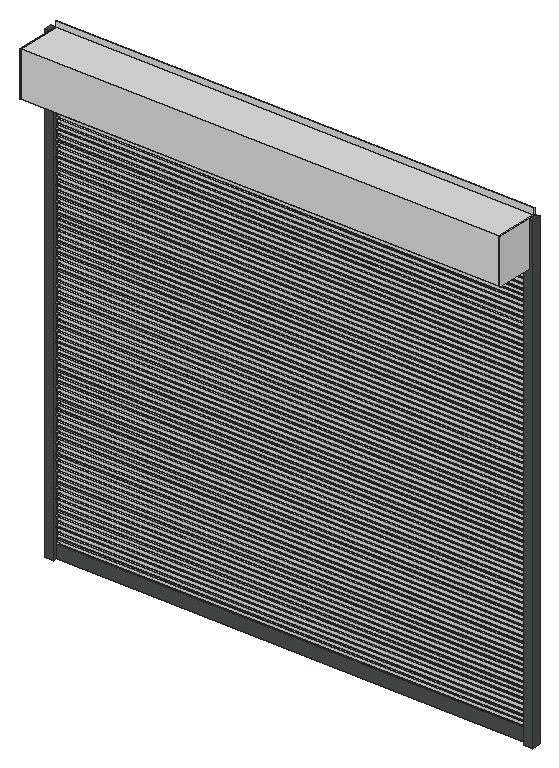
Revit family "Doors_Industrial_Overhead-Door-Corporation_Counter-Doors-652_", category Specialty Equipment, host Wall, Revit 2019 (continued)
Definition of nested family "Motor"
  Forms (in)
    Extrusion 1, solid, material <- "Main Material", visible <- "Wall Mount"
      sketch origin (0, 0, 18.8898) x (1, 0, 0) y (0, 1, 0)
        loop
          line (-4.134, -2.41307) -> (4.116, -2.41307) -> (4.116, -2.29347) -> (3.108, -2.29347)
          arc (3.108, -2.29347) -> (3.02315, -2.25832) -> (2.988, -2.17347) r 0.12
          line (2.988, -2.17347) -> (2.988, 4.96193) -> (-2.988, 4.96193) -> (-2.988, -2.17347)
          arc (-2.988, -2.17347) -> (-3.02315, -2.25832) -> (-3.108, -2.29347) r 0.12
          line (-3.108, -2.29347) -> (-4.134, -2.29347) -> (-4.134, -2.41307)
      from -16.64 to 0
    Extrusion 2, solid, material <- "Main Material", visible <- "Wall Mount"
      sketch origin (0, 0, 18.8898) x (1, 0, 0) y (0, 1, 0)
        loop
          line (-4.134, -2.41307) -> (-4.134, -5.05565) -> (-4.3324, -5.05565) -> (-4.3324, -5.3122)
          arc (-4.3324, -5.3122) -> (-4.24466, -5.55085) -> (-4.02324, -5.67585) r 0.36846
          arc (-4.02324, -5.67585) -> (0, -6.0017) -> (4.02324, -5.67585) r 25
          arc (4.02324, -5.67585) -> (4.24466, -5.55085) -> (4.3324, -5.3122) r 0.36846
          line (4.3324, -5.3122) -> (4.3324, -5.05565) -> (4.116, -5.05565) -> (4.116, -2.41307) -> (-4.134, -2.41307)
      from -17 to 0.35839
    Revolve 3, solid, material <- "Main Material", visible <- "Wall Mount RSX"
      sketch origin (2.0828, 5.66524, 0) x (0, -1, 0) y (1, 0, 0)
        loop
          line (5.66524, -9.0813) -> (5.66524, 3.1162) -> (4.82413, 3.1162) -> (4.82413, 2.7162) -> (4.39283, 2.7162) -> (4.39283, 2.4872) -> (2.50257, 2.4872) -> (2.50257, -6.6585) -> (3.79863, -6.6585) -> (3.79863, -7.51105) -> (3.89778, -7.6102) -> (5.36033, -7.6102) -> (5.36033, -7.8313) -> (4.69783, -7.8313) -> (4.69783, -9.0813) -> (5.66524, -9.0813)
        axis (5.66524, -9.0813) -> (5.66524, 3.1162)
      angle from 0 to 360
    Extrusion 4, solid, material <- "Main Material", visible <- "Wall Mount"
      sketch origin (0, 0, 18.8898) x (1, 0, 0) y (0, 1, 0)
        loop
          line (-2.988, 5.08193) -> (-4.988, 5.08193) -> (-4.988, 4.96193) -> (-3.108, 4.96193) -> (-3.108, 1.46193) -> (-2.988, 1.46193) -> (-2.988, 5.08193)
        loop
          line (2.988, 5.08193) -> (2.988, 1.46193) -> (3.108, 1.46193) -> (3.108, 4.96193) -> (4.988, 4.96193) -> (4.988, 5.08193) -> (2.988, 5.08193)
      from -16.64 to 1.14
    Extrusion 5, solid, material <- "Main Material", visible <- "Wall Mount"
      sketch origin (0, 0.00141, 3.59957) x (0, 0, 1) y (0, -1, 0)
        loop
          circle (2.15043, 0.00141) r 3
      from 7.52 to 7.2495
    Sweep 6, solid, material <- "Main Material", visible <- "Wall Mount"
      path origin (7.38475, 9.53, 48) x (0, 1, 0) y (0, 0, 1)
        loop
          line (-12.53, -42.25) -> (-12.53, -128)
          arc (-12.53, -128) -> (-9.53, -131) -> (-6.53, -128) r 3
          line (-6.53, -128) -> (-6.53, -42.25)
      profile origin (7.38475, -3, -37.125) x (1, 0, 0) y (0, 1, 0)
        loop
          circle (0, 0.1) r 0.1
    Extrusion 7, solid, material <- "Main Material", visible <- "Wall Mount"
      sketch origin (0, 0.00141, 3.59957) x (0, 0, 1) y (0, -1, 0)
        loop
          circle (2.15043, 0.00141) r 0.4
      from 8.82 to 0
    Extrusion 8, solid, material <- "Hood Material", visible <- "CDX"
      sketch origin (2.988, 0, 5.75) x (0, -1, 0) y (1, 0, 0)
        loop
          line (12, -10.57168) -> (12, 2.55332) -> (-4.7, 2.55332) -> (-4.7, 0.0015) -> (2, 0.0015) -> (2, -10.57168) -> (12, -10.57168)
      from 4.88 to -4.88
    Extrusion 9, solid, material <- "Main Material", visible <- "Crank"
      sketch origin (2.9895, 5.75, 5.75) x (0, 0, -1) y (0, -1, 0)
        loop
          line (-1.66535, -2.15748) -> (1.66535, -2.15748)
          arc (1.66535, -2.15748) -> (2.01891, -2.01103) -> (2.16535, -1.65748) r 0.5
          line (2.16535, -1.65748) -> (2.16535, 0.00787)
          arc (2.16535, 0.00787) -> (1.99476, 0.85032) -> (1.50984, 1.56001) r 2.16535
          line (1.50984, 1.56001) -> (1.50984, 2.29685)
          arc (1.50984, 2.29685) -> (1.43662, 2.47363) -> (1.25984, 2.54685) r 0.25
          line (1.25984, 2.54685) -> (0.24999, 3.12987)
          arc (0.24999, 3.12987) -> (0, 3.19685) -> (-0.24999, 3.12987) r 0.5
          line (-0.24999, 3.12987) -> (-1.25984, 2.54685)
          arc (-1.25984, 2.54685) -> (-1.43662, 2.47363) -> (-1.50984, 2.29685) r 0.25
          line (-1.50984, 2.29685) -> (-1.50984, 1.56001)
          arc (-1.50984, 1.56001) -> (-1.99476, 0.85032) -> (-2.16535, 0.00787) r 2.16535
          line (-2.16535, 0.00787) -> (-2.16535, -1.65748)
          arc (-2.16535, -1.65748) -> (-2.01891, -2.01103) -> (-1.66535, -2.15748) r 0.5
      from 0 to -0.5
    Extrusion 10, solid, material <- "Main Material", visible <- "Crank"
      sketch origin (2.9895, 5.75, 5.75) x (0, 0, -1) y (0, -1, 0)
        loop
          line (1.50984, 1.56001) -> (1.50984, 2.29685)
          arc (1.50984, 2.29685) -> (1.43662, 2.47363) -> (1.25984, 2.54685) r 0.25
          line (1.25984, 2.54685) -> (-1.25984, 2.54685)
          arc (-1.25984, 2.54685) -> (-1.43662, 2.47363) -> (-1.50984, 2.29685) r 0.25
          line (-1.50984, 2.29685) -> (-1.50984, 1.56001)
          arc (-1.50984, 1.56001) -> (0, -2.15748) -> (1.50984, 1.56001) r 2.16535
      from 0 to -2
    Extrusion 11, solid, material <- "Main Material", visible <- "Crank"
      sketch origin (2.9895, 4.76161, 5.75) x (0, 1, 0) y (-1, 0, 0)
        loop
          circle (-0.94004, -1.01792) r 0.24
      from 1.5 to -10.5
    Extrusion 12, solid, material <- "Main Material", visible <- "Crank"
      sketch origin (2.9895, 5.75, 5.75) x (0, 1, 0) y (0, 0, -1)
        loop
          line (-2.04434, 10.46875) -> (-1.81142, 10.46875)
          arc (-1.81142, 10.46875) -> (-1.63464, 10.54197) -> (-1.56142, 10.71875) r 0.25
          line (-1.56142, 10.71875) -> (-1.56142, 11.53125)
          arc (-1.56142, 11.53125) -> (-1.63464, 11.70803) -> (-1.81142, 11.78125) r 0.25
          line (-1.81142, 11.78125) -> (-2.04434, 11.78125)
          arc (-2.04434, 11.78125) -> (-2.22112, 11.70803) -> (-2.29434, 11.53125) r 0.25
          line (-2.29434, 11.53125) -> (-2.29434, 10.71875)
          arc (-2.29434, 10.71875) -> (-2.22112, 10.54197) -> (-2.04434, 10.46875) r 0.25
      from -1.26284 to -0.77978
    Extrusion 13, solid, not visible
      sketch origin (2.9895, -24.70572, 48) x (0, -1, 0) y (0, 0, 1)
        loop
          circle (-30.45572, -42.25) r 0.5
      from 0.5 to 0 <- "Connector MP"
  Cuts and joins
    joined: Extrusion 9, Extrusion 10, Extrusion 11
  Lines and regions (in)
    Masking region 1, visible <- "CDX"
      outline origin (0, 0, 0) x (1, 0, 0) y (0, 1, 0)
        loop
          line (-7.58368, -2) -> (-7.58368, -12) -> (5.54132, -12) -> (5.54132, 4.7) -> (2.9895, 4.7) -> (2.9895, -2) -> (-7.58368, -2)
    Masking region 2, visible <- "Crank"
      outline origin (2.9895, 5.75, 5.75) x (0, 1, 0) y (-1, 0, 0)
        loop
          line (2.15748, 0) -> (-3.1963, 0) -> (-3.1963, -0.5) -> (-2.54685, -0.5) -> (-2.54685, -2) -> (2.15748, -2) -> (2.15748, 0)
    reference lines
      curve 1: line (0, 0, 0) -> (0, 0, 18.8898)
      curve 2: line (2.9895, 5.75, 5.75) -> (2.9895, 6.5, 5.75)
    symbolic lines, visible <- "Crank"
      curve 3: line (2.9895, 4.18999, 5.75) -> (4.9895, 4.18999, 5.75)
      curve 4: line (2.9895, 3.20315, 5.75) -> (3.4895, 3.20315, 5.75)
  Dimensions and locks (in)
    Extrusion 4 sketch curve to Extrusion 4 sketch curve = 3.62"
    locked: Extrusion 4 sketch curve to Extrusion 4 sketch curve at 0.12  (x3)
    "Chain H Offset": plane 4 to plane 5
    locked: plane 7 to plane 6 at 30
    locked: Sweep 6 sketch curve to profile plane at 0
    locked: profile plane to Sweep 6 sketch curve at 0.1
    locked: Sweep 6 sketch curve to Sweep 6 sketch curve at 6
    "Floor To Cl Shaft": plane 8 to plane 6
    "Horizontal Mount": plane 1 "Center (Front/Back)" to plane 11
    "Top Option Offset": level to plane 12
    "Chain V Offset": plane 9 "Chain Hoist" to plane 12
    equal spacing: Sweep 6 sketch curve, plane 5, Sweep 6 sketch curve
    "Vertical Mount": plane 10 "Top Of Hood" to plane 12
    locked: Extrusion 2 sketch curve to Extrusion 2 sketch curve at 8.25
    locked: Extrusion 2 sketch curve to Extrusion 2 sketch curve at 2.64258
    locked: plane 3 "Center (Left/Right)" to plane 14 at 7.2495
    "Hood Mount": plane 13 "Hood Face" to plane 14
    "Hood Width Real": plane 11 to plane 15
    "Real Exterior Wall Offset": plane 15 to plane 16 "Wall"
    Revolve 3 sketch curve to Revolve 3 sketch curve to Revolve 3 sketch curve to Revolve 3 sketch curve to Revolve 3 sketch curve to Revolve 3 sketch curve to Revolve 3 sketch curve = 1 1/4" locked, 0.2211" locked, 0.9517" locked, 9.1457" locked, 0.229" locked, 0.4" locked
    Revolve 3 sketch curve to Revolve 3 sketch curve to Revolve 3 sketch curve to Revolve 3 sketch curve to Revolve 3 sketch curve to Revolve 3 sketch curve to Revolve 3 sketch curve to Revolve 3 sketch curve = 0.30491" locked, 0.53619" locked, 0.12631" locked, 0.305" locked, 0.49505" locked, 0.09915" locked, 1.29606" locked
    locked: Extrusion 1 sketch curve to Extrusion 1 sketch curve at 0.1196
    locked: Extrusion 1 sketch curve to Extrusion 1 sketch curve at 5.976
    equal spacing: Extrusion 1 sketch curve, curve 1, Extrusion 1 sketch curve
    locked: curve 1 to Extrusion 1 sketch curve at 2.41307
    locked: Extrusion 1 sketch curve to Extrusion 1 sketch curve at 7.375
    equal spacing: Extrusion 4 sketch curve, curve 1, Extrusion 4 sketch curve
    locked: Extrusion 4 sketch curve to curve 1 at 1.46193
    locked: Revolve 3 sketch curve to plane 3 "Center (Left/Right)" at 4.5757
    locked: Extrusion 4 sketch curve to Extrusion 4 sketch curve at 5.976
    locked: Extrusion 4 sketch curve to Extrusion 4 sketch curve at 2
    locked: Extrusion 4 sketch curve to Extrusion 4 sketch curve at 1.88
    locked: Extrusion 1 sketch curve to Extrusion 1 sketch curve at 1.128
    locked: Extrusion 1 sketch curve to Extrusion 1 sketch curve at 1.146
    locked: curve 1 to Extrusion 2 sketch curve at 2.41307
    locked: Extrusion 8 sketch curve to Extrusion 8 sketch curve at 13.125
    locked: Extrusion 8 sketch curve to Extrusion 8 sketch curve at 2.55182
    locked: Extrusion 8 sketch curve to Extrusion 8 sketch curve at 16.7
    locked: Extrusion 8 sketch curve to curve 1 at 2
    locked: Extrusion 8 sketch curve to Extrusion 8 sketch curve at 10
    equal spacing: plane 1 "Center (Front/Back)", plane 17, plane 15
    "Hood Height": plane 10 "Top Of Hood" to plane 18
    equal spacing: plane 10 "Top Of Hood", plane 19, plane 18
    locked: curve 2 to curve 2 at 0.75
    "Connector VP": plane 10 "Top Of Hood" to Extrusion 13 sketch curve
    "Connector HP": Extrusion 13 sketch curve to plane 16 "Wall"
    radius of Extrusion 5 sketch curve = 3"
    radius of Sweep 6 sketch curve = 3"
    radius of Sweep 6 sketch curve = 0.1"
    radius of Extrusion 7 sketch curve = 0.4"
    radius of Extrusion 2 sketch curve = 0.36846"  (x2)
    radius of Extrusion 1 sketch curve = 0.12"  (x2)
    radius of Extrusion 2 sketch curve = 25"
    "Angle": angle curve 1 to plane 1 "Center (Front/Back)"
    angle Extrusion 2 sketch curve to Extrusion 2 sketch curve = 90.00°
    locked: Extrusion 2 sketch curve to Extrusion 2 sketch curve (angle 90.00°)
    aligned and locked: plane 2 to level
    aligned and locked: Revolve 3 sketch curve to Revolve 3 sketch curve
    aligned and locked: plane 1 "Center (Front/Back)" to curve 1
    aligned and locked: level to curve 1
    aligned and locked: plane 1 "Center (Front/Back)" to plane 4
    aligned and locked: Extrusion 4 sketch curve to Extrusion 4 sketch curve  (x3)
    aligned and locked: plane 7 to Sweep 6 sketch curve  (x2)
    aligned and locked: plane 8 to Sweep 6 sketch curve  (x2)
    aligned and locked: plane 5 to Extrusion 5 sketch curve
    aligned and locked: plane 9 "Chain Hoist" to Extrusion 5 sketch curve
    aligned and locked: plane 5 to Extrusion 7 sketch curve
    aligned and locked: plane 9 "Chain Hoist" to Extrusion 7 sketch curve
    aligned and locked: plane 8 to plane 9 "Chain Hoist"
    aligned and locked: Extrusion 2 sketch curve to Extrusion 2 sketch curve
    aligned and locked: Extrusion 1 sketch curve to Extrusion 1 sketch curve
    aligned and locked: plane 4 to nested 1
    aligned and locked: plane 3 "Center (Left/Right)" to nested 1
    aligned and locked: Masking region 1 sketch curve to Extrusion 8  (x6)
    aligned and locked: Extrusion 8 sketch curve to plane 13 "Hood Face"
    aligned and locked: plane 17 to curve 2
    aligned and locked: curve 2 to plane 19
  Automatic sketch dimensions
    plane 1 "Center (Front/Back)" to Revolve 3 sketch curve = 0"
    Revolve 3 sketch curve to Revolve 3 sketch curve = 0.09915"
    Revolve 3 sketch curve to Revolve 3 sketch curve = 4.7892"
    Revolve 3 sketch curve to plane 14 = 1.9628"
    Extrusion 2 sketch curve to plane 3 "Center (Left/Right)" = 0"
    Extrusion 2 sketch curve to Extrusion 2 sketch curve = 0.1984"
    Extrusion 2 sketch curve to Extrusion 2 sketch curve = 0.15206"
    Extrusion 2 sketch curve to Extrusion 2 sketch curve = 0.25654"
    Extrusion 2 sketch curve to Extrusion 2 sketch curve = 0"  (x2)
    Extrusion 2 sketch curve to Extrusion 2 sketch curve = 0.0593"
    Extrusion 9 sketch curve to Extrusion 9 sketch curve = 0"  (x2)
    curve 2 to Extrusion 9 sketch curve = 0"  (x2)
    curve 2 to Extrusion 9 sketch curve = 1/4"
    Extrusion 9 sketch curve to Extrusion 9 sketch curve = 1.00985"  (x2)
    Extrusion 9 sketch curve to Extrusion 9 sketch curve = 1/4"  (x2)
    Extrusion 9 sketch curve to curve 2 = 1.66535"
    Extrusion 9 sketch curve to Extrusion 9 sketch curve = 1/2"
    Extrusion 9 sketch curve to curve 2 = 1/4"
    curve 2 to Extrusion 9 sketch curve = 1.66535"
    curve 2 to Extrusion 9 sketch curve = 2.16535"
    Extrusion 9 sketch curve to curve 2 = 1.40748"
    curve 2 to Extrusion 9 sketch curve = 0.00787"
    Extrusion 9 sketch curve to Extrusion 9 sketch curve = 0.73684"  (x2)
    Extrusion 9 sketch curve to Extrusion 9 sketch curve = 0.15"
    Extrusion 9 sketch curve to Extrusion 9 sketch curve = 0.43302"
    curve 2 to Extrusion 10 sketch curve = 0"
    curve 2 to Extrusion 10 sketch curve = 1.25984"
    Extrusion 10 sketch curve to Extrusion 10 sketch curve = 1/4"  (x2)
    Extrusion 10 sketch curve to curve 2 = 1.25984"
    curve 2 to Extrusion 10 sketch curve = 0.00787"
    curve 2 to Extrusion 10 sketch curve = 1.56001"
    Extrusion 10 sketch curve to Extrusion 10 sketch curve = 0.73684"
    Extrusion 10 sketch curve to Extrusion 10 sketch curve = 0"
    Extrusion 11 sketch curve to curve 2 = 1.92843"
    Extrusion 11 sketch curve to curve 2 = 1.01792"
    Extrusion 12 sketch curve to curve 2 = 2.29434"
    Extrusion 12 sketch curve to Extrusion 12 sketch curve = 1/4"  (x3)
    Extrusion 12 sketch curve to Extrusion 12 sketch curve = 0.23293"  (x2)
    curve 2 to Extrusion 12 sketch curve = 10 15/32"
    Extrusion 12 sketch curve to Extrusion 12 sketch curve = 13/16"
    Masking region 2 sketch curve to curve 2 = 0"
    Masking region 2 sketch curve to curve 2 = 2.54685"
    curve 2 to Masking region 2 sketch curve = 1.40748"
    curve 2 to Masking region 2 sketch curve = 1/2"
    Masking region 2 sketch curve to Masking region 2 sketch curve = 0.64945"
    Masking region 2 sketch curve to Masking region 2 sketch curve = 1 1/2"
    curve 4 to curve 2 = 0"
    curve 3 to curve 2 = 0"
    curve 4 to curve 2 = 2.54685"
    curve 3 to curve 2 = 1.56001"
    curve 2 to curve 4 = 1/2"
    curve 3 to curve 2 = 2"
    radius of Extrusion 11 sketch curve = 0.24"
    radius of Extrusion 13 sketch curve = 1/2"
  Nested families (in)
    nested 1: "2D_NotScalableMain_29e791da-3db9-4234-ab15-44456784202b" at (0, 0, 0), type "Default"
      with Wall Mount RMX no, Wall Mount no
  Definition of nested family "2D_NotScalableMain_29e791da-3db9-4234-ab15-44456784202b"
    Parameters (values of type "Default")
      Wall Mount RMX = yes
      Wall Mount RSX = no
      Wall Mount = yes
    Reference planes (in)
      plane 1 "Center (Front/Back)": y = 0
      plane 2: z = 0
      plane 3 "Center (Left/Right)": x = 0
    Lines and regions (in)
      Masking region 1, in view "Ref. Level", visible <- "Wall Mount RSX"
        outline origin (0, 0, 0) x (1, 0, 0) y (0, 1, 0)
          loop
            line (-6.9985, -0.96741) -> (-5.7485, -0.96741) -> (-5.7485, -0.30491) -> (-5.5274, -0.30491) -> (-5.5274, -1.76746) -> (-5.42825, -1.86661) -> (-4.5757, -1.86661) -> (-4.5757, -3.22517) -> (-4.134, -3.22517) -> (-4.134, -5.05565) -> (-4.3324, -5.05565) -> (-4.3324, -5.3122)
            arc (-4.3324, -5.3122) -> (-4.24466, -5.55085) -> (-4.02324, -5.67585) r 0.36846
            arc (-4.02324, -5.67585) -> (0, -6.0017) -> (4.02324, -5.67585) r 25
            arc (4.02324, -5.67585) -> (4.24466, -5.55085) -> (4.3324, -5.3122) r 0.36846
            line (4.3324, -5.3122) -> (4.3324, -5.05565) -> (4.116, -5.05565) -> (4.116, -3.22517) -> (4.57, -3.22517) -> (4.57, -1.27241) -> (4.799, -1.27241) -> (4.799, -0.84111) -> (5.199, -0.84111) -> (5.199, 0.77483) -> (7.2495, 0.77483) -> (7.2495, -1.81) -> (7.52, -1.81) -> (7.52, 0.79) -> (8.82, 0.79) -> (8.82, 1.59) -> (7.52, 1.59) -> (7.52, 4.19) -> (7.2495, 4.19) -> (7.2495, 1.59) -> (4.57, 1.59) -> (4.57, 3.22517) -> (3.108, 3.22517) -> (3.108, 4.96193) -> (4.988, 4.96193) -> (4.988, 5.08193) -> (2.988, 5.08193) -> (2.988, 4.96193) -> (-2.988, 4.96193) -> (-2.988, 5.08193) -> (-4.988, 5.08193) -> (-4.988, 4.96193) -> (-3.108, 4.96193) -> (-3.108, 3.22517) -> (-4.5757, 3.22517) -> (-4.5757, 1.86661) -> (-5.42825, 1.86661) -> (-5.5274, 1.76746) -> (-5.5274, 0.30491) -> (-5.7485, 0.30491) -> (-5.7485, 0.96741) -> (-6.9985, 0.96741) -> (-6.9985, -0.96741)
      Masking region 2, in view "Ref. Level", visible <- "Wall Mount"
        outline origin (0, 0, 0) x (1, 0, 0) y (0, 1, 0)
          loop
            line (-4.988, 4.96193) -> (-3.108, 4.96193) -> (-3.108, 1.46193) -> (-2.988, 1.46193) -> (-2.988, 5.08193) -> (-4.988, 5.08193) -> (-4.988, 4.96193)
          loop
            line (2.988, 1.46193) -> (3.108, 1.46193) -> (3.108, 4.96193) -> (4.988, 4.96193) -> (4.988, 5.08193) -> (2.988, 5.08193) -> (2.988, 1.46193)
      Masking region 3, in view "Ref. Level", visible <- "Wall Mount RMX"
        outline origin (0, 0, 0) x (1, 0, 0) y (0, 1, 0)
          loop
            line (-2.988, 4.96193) -> (-2.988, -2.17347)
            arc (-2.988, -2.17347) -> (-3.02315, -2.25832) -> (-3.108, -2.29347) r 0.12
            line (-3.108, -2.29347) -> (-4.134, -2.29347) -> (-4.134, -5.05565) -> (-4.3324, -5.05565) -> (-4.3324, -5.3122)
            arc (-4.3324, -5.3122) -> (-4.24466, -5.55085) -> (-4.02324, -5.67585) r 0.36846
            arc (-4.02324, -5.67585) -> (0, -6.0017) -> (4.02324, -5.67585) r 25
            arc (4.02324, -5.67585) -> (4.24466, -5.55085) -> (4.3324, -5.3122) r 0.36846
            line (4.3324, -5.3122) -> (4.3324, -5.05565) -> (4.116, -5.05565) -> (4.116, -2.29347) -> (3.108, -2.29347)
            arc (3.108, -2.29347) -> (3.02315, -2.25832) -> (2.988, -2.17347) r 0.12
            line (2.988, -2.17347) -> (2.988, 0.77483) -> (7.2495, 0.77483) -> (7.2495, -1.81) -> (7.52, -1.81) -> (7.52, 0.79) -> (8.82, 0.79) -> (8.82, 1.59) -> (7.52, 1.59) -> (7.52, 4.19) -> (7.2495, 4.19) -> (7.2495, 1.59) -> (3.108, 1.59) -> (3.108, 1.46193) -> (2.988, 1.46193) -> (2.988, 4.96193) -> (-2.988, 4.96193)
      reference lines, in view "Ref. Level"
        curve 1: line (0, 0, 0) -> (0, 0.125, 0)
        curve 2: line (0, 0, 0) -> (0.125, 0, 0)
      detail lines, in view "Ref. Level", visible <- "Wall Mount"
        curve 3: line (7.2495, 4.19, 0) -> (7.2495, -1.81, 0)
        curve 4: line (7.52, 4.19, 0) -> (7.52, -1.81, 0)
        curve 5: line (-4.134, -2.29347, 0) -> (-4.134, -5.05565, 0)
        curve 6: line (4.116, -2.29347, 0) -> (4.116, -5.05565, 0)
        curve 7: line (-4.134, -2.41307, 0) -> (4.116, -2.41307, 0)
        curve 8: line (4.116, -2.29347, 0) -> (3.108, -2.29347, 0)
        curve 9: line (2.988, -2.17347, 0) -> (2.988, 4.96193, 0)
        curve 10: line (2.988, 4.96193, 0) -> (-2.988, 4.96193, 0)
        curve 11: line (-2.988, 4.96193, 0) -> (-2.988, -2.17347, 0)
        curve 12: arc (-2.988, -2.17347, 0) -> (-3.02315, -2.25832, 0) -> (-3.108, -2.29347, 0) r 0.12
        curve 13: arc (3.108, -2.29347, 0) -> (3.02315, -2.25832, 0) -> (2.988, -2.17347, 0) r 0.12
        curve 21: line (-4.134, -2.29347, 0) -> (-3.108, -2.29347, 0)
      detail lines, in view "Ref. Level", not visible
        curve 14: line (4.57, -3.22517, 0) -> (4.57, 0.77483, 0)
        curve 15: line (4.799, -1.27241, 0) -> (4.799, 0.77483, 0)
      detail lines, in view "Ref. Level", visible <- "Wall Mount RSX"
        curve 16: line (5.199, -0.84111, 0) -> (5.199, 0.77483, 0)
        curve 17: line (-4.5757, -3.22517, 0) -> (-4.5757, 3.22517, 0)
        curve 18: line (-5.42825, -1.86661, 0) -> (-5.42825, 1.86661, 0)
        curve 19: line (-5.5274, 1.76746, 0) -> (-5.5274, -1.76746, 0)
        curve 20: line (-5.7485, -0.96741, 0) -> (-5.7485, 0.96741, 0)
        curve 22: line (5.199, 0.77483, 0) -> (2.988, 0.77483, 0)
        curve 23: line (4.57, 1.59, 0) -> (3.108, 1.59, 0)
        curve 24: line (-4.5757, -3.22517, 0) -> (-4.5757, 3.22517, 0)
        curve 25: line (-5.42825, 1.86661, 0) -> (-5.42825, -1.86661, 0)
        curve 26: line (-5.5274, 1.76746, 0) -> (-5.5274, -1.76746, 0)
        curve 27: line (-5.7485, -0.96741, 0) -> (-5.7485, 0.96741, 0)
        curve 28: line (4.57, 3.22517, 0) -> (4.57, 1.59, 0)
        curve 29: line (4.799, 0.77483, 0) -> (4.799, -1.22759, 0)
    Dimensions and locks (in)
      curve 1 to curve 1 = 1/8"
      curve 2 to curve 2 = 1/8"
      aligned and locked: plane 1 "Center (Front/Back)" to curve 1
      aligned and locked: plane 3 "Center (Left/Right)" to curve 1
      aligned and locked: plane 1 "Center (Front/Back)" to curve 2
Definition of nested family "Label Annotation 1"
  Parameters (values of type "Label Annotation 1-8")
    Label = "Area is too big. Please reduce Door Size."
  Reference planes (in)
    plane 1: y = 0
    plane 2: x = 0
  Text (in)
    label "Label" at (0.00375, -0.00345, 0), shows "Label"
Definition of nested family "Warning Sign"
  Parameters (values of type "Warning Sign")
    Warning Sign [instance] = no
    Default Elevation = 48"
  Reference planes (in)
    plane 1 "Center (Front/Back)": y = 0
    plane 2: z = 0
    plane 3 "Center (Left/Right)": x = 0
    plane 4: y = 0.5
    plane 5: y = -0.5
    plane 6: y = 1
    plane 7: y = 0.25
  Lines and regions (in)
    model lines
      curve 1: line (-2.26129, 1, 45.69444) -> (-26.3817, 1, 3.91667)
      curve 2: line (-25.25106, 1, 3.26389) -> (-1.13064, 1, 45.04167)
      curve 3: arc (2.26129, 1, 45.69444) -> (0, 1, 47) -> (-2.26129, 1, 45.69444) r 2.61111
      curve 4: arc (-1.13064, 1, 45.04167) -> (0, 1, 45.69444) -> (1.13064, 1, 45.04167) r 1.30556
      curve 5: line (1.13064, 1, 45.04167) -> (25.25106, 1, 3.26389)
      curve 6: line (26.3817, 1, 3.91667) -> (2.26129, 1, 45.69444)
      curve 7: arc (25.25106, 1, 3.26389) -> (25.25106, 1, 1.95833) -> (24.12041, 1, 1.30556) r 1.30556
      curve 8: arc (24.12041, 1, 0) -> (26.3817, 1, 1.30556) -> (26.3817, 1, 3.91667) r 2.61111
      curve 9: line (24.12041, 1, 1.30556) -> (-24.12041, 1, 1.30556)
      curve 10: line (-24.12041, 1, 0) -> (24.12041, 1, 0)
      curve 11: arc (-24.12041, 1, 1.30556) -> (-25.25106, 1, 1.95833) -> (-25.25106, 1, 3.26389) r 1.30556
      curve 12: arc (-26.3817, 1, 3.91667) -> (-26.3817, 1, 1.30556) -> (-24.12041, 1, 0) r 2.61111
      curve 13: arc (-2.29479, 1, 8.63537) -> (0, 1, 6.34057) -> (2.29479, 1, 8.63537) r 2.29479
      curve 14: arc (2.29479, 1, 8.63537) -> (0, 1, 10.93016) -> (-2.29479, 1, 8.63537) r 2.29479
      curve 15: arc (-1.6331, 1, 13.97069) -> (0.03439, 1, 12.53727) -> (1.69278, 1, 13.98121) r 1.68043
      curve 16: line (-3.77413, 1, 28.37873) -> (-1.6331, 1, 13.97069)
      curve 17: line (1.69278, 1, 13.98121) -> (3.73924, 1, 28.37873)
      curve 18: arc (3.73924, 1, 28.37873) -> (-0.01745, 1, 32.13541) -> (-3.77413, 1, 28.37873) r 3.75668
      curve 19: line (-2.26129, -0.5, 45.69444) -> (-26.3817, -0.5, 3.91667)
      curve 20: line (-25.25106, -0.5, 3.26389) -> (-1.13064, -0.5, 45.04167)
      curve 21: arc (2.26129, -0.5, 45.69444) -> (0, -0.5, 47) -> (-2.26129, -0.5, 45.69444) r 2.61111
      curve 22: arc (-1.13064, -0.5, 45.04167) -> (0, -0.5, 45.69444) -> (1.13064, -0.5, 45.04167) r 1.30556
      curve 23: line (1.13064, -0.5, 45.04167) -> (25.25106, -0.5, 3.26389)
      curve 24: line (26.3817, -0.5, 3.91667) -> (2.26129, -0.5, 45.69444)
      curve 25: arc (25.25106, -0.5, 3.26389) -> (25.25106, -0.5, 1.95833) -> (24.12041, -0.5, 1.30556) r 1.30556
      curve 26: arc (24.12041, -0.5, 0) -> (26.3817, -0.5, 1.30556) -> (26.3817, -0.5, 3.91667) r 2.61111
      curve 27: line (24.12041, -0.5, 1.30556) -> (-24.12041, -0.5, 1.30556)
      curve 28: line (-24.12041, -0.5, 0) -> (24.12041, -0.5, 0)
      curve 29: arc (-24.12041, -0.5, 1.30556) -> (-25.25106, -0.5, 1.95833) -> (-25.25106, -0.5, 3.26389) r 1.30556
      curve 30: arc (-26.3817, -0.5, 3.91667) -> (-26.3817, -0.5, 1.30556) -> (-24.12041, -0.5, 0) r 2.61111
      curve 31: arc (-2.29479, -0.5, 8.63537) -> (0, -0.5, 6.34057) -> (2.29479, -0.5, 8.63537) r 2.29479
      curve 32: arc (2.29479, -0.5, 8.63537) -> (0, -0.5, 10.93016) -> (-2.29479, -0.5, 8.63537) r 2.29479
      curve 33: arc (-1.6331, -0.5, 13.97069) -> (0.03439, -0.5, 12.53727) -> (1.69278, -0.5, 13.98121) r 1.68043
      curve 34: line (-3.77413, -0.5, 28.37873) -> (-1.6331, -0.5, 13.97069)
      curve 35: line (1.69278, -0.5, 13.98121) -> (3.73924, -0.5, 28.37873)
      curve 36: arc (3.73924, -0.5, 28.37873) -> (-0.01745, -0.5, 32.13541) -> (-3.77413, -0.5, 28.37873) r 3.75668
  Dimensions and locks (in)
    locked: plane 1 "Center (Front/Back)" to plane 4 at 0.5
    equal spacing: plane 1 "Center (Front/Back)", plane 7, plane 4
    locked: plane 4 to plane 6 at 0.5
    locked: plane 5 to plane 1 "Center (Front/Back)" at 0.5
    aligned and locked: plane 2 to level
  Automatic sketch dimensions
    curve 21 to curve 22 = 0"  (x2)
    curve 25 to curve 26 = 0"  (x2)
    curve 29 to curve 30 = 0"  (x2)
    curve 31 to curve 32 = 0"  (x2)
    curve 21 to plane 3 "Center (Left/Right)" = 0"
    curve 31 to plane 3 "Center (Left/Right)" = 0"
    curve 30 to level = 0"
    level to curve 27 = 1.30556"
    curve 26 to curve 27 = 1.30556"
    curve 29 to curve 27 = 1.30556"
    curve 23 to curve 25 = 0.65278"
    curve 20 to curve 29 = 0.65278"
    curve 24 to curve 23 = 0.65278"
    curve 19 to curve 20 = 0.65278"
    level to curve 32 = 8.63537"
    curve 34 to plane 3 "Center (Left/Right)" = 1.6331"
    curve 34 to curve 31 = 5.33532"
    plane 3 "Center (Left/Right)" to curve 35 = 1.69278"
    curve 35 to curve 34 = 0.01052"
    plane 3 "Center (Left/Right)" to curve 33 = 0.02908"
    curve 36 to plane 3 "Center (Left/Right)" = 0.01745"
    curve 36 to curve 33 = 14.16104"
    curve 22 to curve 36 = 16.01016"
    plane 3 "Center (Left/Right)" to curve 23 = 1.13064"
    curve 23 to curve 21 = 0.65278"
    curve 20 to plane 3 "Center (Left/Right)" = 1.13064"
    plane 3 "Center (Left/Right)" to curve 24 = 2.26129"
    curve 24 to curve 22 = 0.65278"
    curve 19 to plane 3 "Center (Left/Right)" = 2.26129"
    curve 34 to curve 36 = 3.75668"
    curve 30 to plane 3 "Center (Left/Right)" = 24.12041"
    plane 3 "Center (Left/Right)" to curve 25 = 24.12041"
    curve 31 to curve 31 = 2.29479"
    curve 3 to curve 4 = 0"  (x2)
    curve 7 to curve 8 = 0"  (x2)
    curve 11 to curve 12 = 0"  (x2)
    curve 13 to curve 14 = 0"  (x2)
    curve 3 to plane 3 "Center (Left/Right)" = 0"
    curve 13 to plane 3 "Center (Left/Right)" = 0"
    curve 12 to level = 0"
    level to curve 9 = 1.30556"
    curve 8 to curve 9 = 1.30556"
    curve 11 to curve 9 = 1.30556"
    curve 5 to curve 7 = 0.65278"
    curve 2 to curve 11 = 0.65278"
    curve 6 to curve 5 = 0.65278"
    curve 1 to curve 2 = 0.65278"
    level to curve 14 = 8.63537"
    curve 16 to plane 3 "Center (Left/Right)" = 1.6331"
    curve 16 to curve 13 = 5.33532"
    plane 3 "Center (Left/Right)" to curve 17 = 1.69278"
    curve 17 to curve 16 = 0.01052"
    plane 3 "Center (Left/Right)" to curve 15 = 0.02908"
    curve 18 to plane 3 "Center (Left/Right)" = 0.01745"
    curve 18 to curve 15 = 14.16104"
    curve 4 to curve 18 = 16.01016"
    plane 3 "Center (Left/Right)" to curve 5 = 1.13064"
    curve 5 to curve 3 = 0.65278"
    curve 2 to plane 3 "Center (Left/Right)" = 1.13064"
    plane 3 "Center (Left/Right)" to curve 6 = 2.26129"
    curve 6 to curve 4 = 0.65278"
    curve 1 to plane 3 "Center (Left/Right)" = 2.26129"
    curve 16 to curve 18 = 3.75668"
    curve 12 to plane 3 "Center (Left/Right)" = 24.12041"
    plane 3 "Center (Left/Right)" to curve 7 = 24.12041"
    curve 13 to curve 13 = 2.29479"
Types (9): name | Voltage | Operator Visibility | Number of Poles | Frequency | Electric Operator | Crank | Manual | Current | Connector Array | Apparent Load Phase 3 | Apparent Load Phase 2 | Apparent Load Phase 1
  115 volts, one phase, 60 Hz (110-120V range) | 115 V | yes | 1 | 60 Hz | yes | no | no | 20 A | 3 | 0 VA | 0 VA | 2300 VA
  ‏​Manual push-up | 0 V | no | 1 | 0 Hz | no | no | yes | 0 A | 2 | 0 VA | 0 VA | 0 VA
  230 volts, three phase, 60 Hz (208-245V range) | 230 V | yes | 3 | 60 Hz | yes | no | no | 20 A | 3 | 2655.81 VA | 2655.81 VA | 2655.81 VA
  230 volts, one phase, 60 Hz (208-245V range) | 230 V | yes | 1 | 60 Hz | yes | no | no | 20 A | 3 | 0 VA | 0 VA | 4600 VA
  460 volts, three phase, 60 Hz (456-495V range) | 460 V | yes | 3 | 60 Hz | yes | no | no | 20 A | 3 | 5311.62 VA | 5311.62 VA | 5311.62 VA
  208 volts, one phase, 60 Hz (190-207V range) | 208 V | yes | 1 | 60 Hz | yes | no | no | 20 A | 3 | 0 VA | 0 VA | 4160 VA
  208 volts, three phase, 60 Hz (190-207V range) | 208 V | yes | 3 | 60 Hz | yes | no | no | 20 A | 3 | 2401.78 VA | 2401.78 VA | 2401.78 VA
  575 volts, three phase, 60 Hz | 575 V | yes | 3 | 60 Hz | yes | no | no | 20 A | 3 | 6639.53 VA | 6639.53 VA | 6639.53 VA
  Manual crank | 0 V | yes | 1 | 0 Hz | no | yes | no | 0 A | 3 | 0 VA | 0 VA | 0 VA
